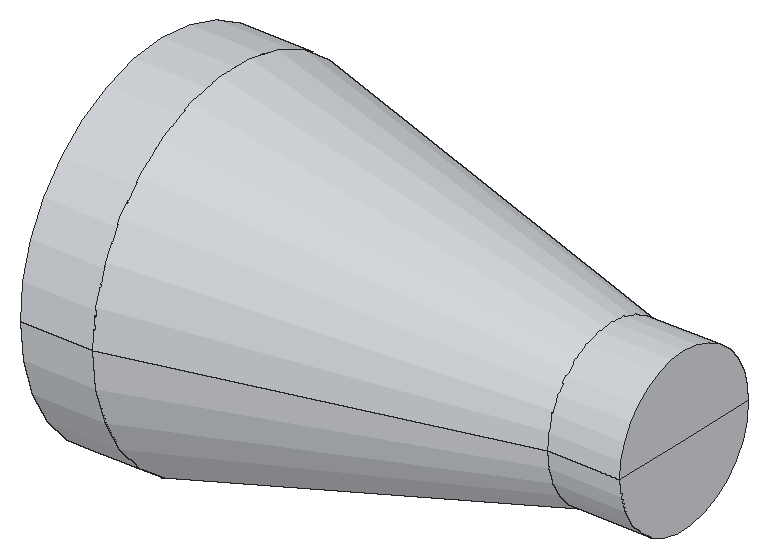
Revit family "017a85a8e7fe44b990d3b84f9876f907", category Pipe Fittings, Revit 2021
Family settings
  Round Connector Dimension = Use Radius
  Part Type = Transition
  OmniClass Number = 23.60.30.11.14
  OmniClass Title = Pipework Fittings
  Work Plane-Based = No
  Always vertical = Yes
  Cut with Voids When Loaded = No
  Shared = No
Parameters (values of type "Standard")
  Visibility 2 [instance] = Nominal Diameter 2 > Nominal Diameter 1  # no
  Visibility 1 [instance] = Nominal Diameter 1 > Nominal Diameter 2  # yes
  URL = ""
  Type Comments = ""
  Tick Size 2 [instance] = if(Nominal Diameter 1 > Nominal Diameter 2, Min Tick Size 12, Max Tick Size 12)  # 2.7760"
  Tick Size 1 [instance] = if(Nominal Diameter 1 > Nominal Diameter 2, Max Tick Size 12, Min Tick Size 12)  # 6.1200"
  Min Tick Size 12 [instance] = Min Fitting Outside Diameter 12 * 0.4  # 2.7760"
  Max Tick Size 12 [instance] = Max Fitting Outside Diameter 12 * 0.4  # 6.1200"
  Nominal Radius 2 [instance] = 3.0000"
  Nominal Radius 1 [instance] = 7.0000"
  Nominal Diameter 2 [instance] = Nominal Radius 2 * 2  # 6.0000"
  Nominal Diameter 1 [instance] = Nominal Radius 1 * 2  # 14.0000"
  Min Nominal Diameter 12 [instance] = if(Nominal Diameter 1 > Nominal Diameter 2, Nominal Diameter 2, Nominal Diameter 1)  # 6.0000"
  Max Nominal Diameter 12 [instance] = if(Nominal Diameter 1 > Nominal Diameter 2, Nominal Diameter 1, Nominal Diameter 2)  # 14.0000"
  Manufacturer = ""
  Loss Method = K Coefficient from Table
  Lookup Table Name = "Reducer - PE - GI - Class 150"
  Length [instance] = size_lookup(Lookup Table Name, "Lgt", 2 * Max Nominal Diameter 12, Max Nominal Diameter 12, Min Nominal Diameter 12)  # 22.6100"
  K Coefficient Table = "Reducer/Coupling/Union/Increaser"
  Fitting Outside Radius 2 [instance] = Fitting Outside Diameter 2 / 2  # 3.4700"
  Fitting Outside Radius 1 [instance] = Fitting Outside Diameter 1 / 2  # 7.6500"
  Min Fitting Outside Diameter 12 [instance] = size_lookup(Lookup Table Name, "FOD", 1.04 * Min Nominal Diameter 12 + 0.7000", Min Nominal Diameter 12)  # 6.9400"
  Max Fitting Outside Diameter 12 [instance] = size_lookup(Lookup Table Name, "FOD", 1.04 * Max Nominal Diameter 12 + 0.7000", Max Nominal Diameter 12)  # 15.3000"
  built-in parameter 1114238 [instance] = (empty or 0)
  Fitting Outside Diameter 2 [instance] = if(Nominal Diameter 1 > Nominal Diameter 2, Min Fitting Outside Diameter 12, Max Fitting Outside Diameter 12)  # 6.9400"
  Fitting Outside Diameter 1 [instance] = if(Nominal Diameter 1 > Nominal Diameter 2, Max Fitting Outside Diameter 12, Min Fitting Outside Diameter 12)  # 15.3000"
  Description = ""
  Default Elevation = 0.0000"
  Assembly Code = ""
Reference planes (in)
  plane 1 "Center (Front/Back)": y = 0
  plane 2: z = 0
  plane 3 "Center (Left/Right)": x = 0
  plane 4 "Right": x = 22.61
  plane 5 "TK1 Top": y = 6.12
  plane 6 "TK1 Bottom": y = -6.12
  plane 7 "TK2 Top": y = 2.776
  plane 8 "TK2 Bottom": y = -2.776
  plane 9: y = 7.65
  plane 10: y = 3.47
  plane 11: x = 5.6525
  plane 12: x = 16.9575
  plane 13: x = 11.305
  plane 14: x = 3.1525
  plane 15: x = 19.4575
Forms (in)
  Extrusion 1, solid, not visible
    sketch origin (0, 0, 0) x (0, 1, 0) y (0, 0, 1)
      loop
        circle (0, 0) r 1
    from 0 to 22.61
  Revolve 2, solid, detail levels fine
    sketch origin (0, 0, 0) x (1, 0, 0) y (0, 1, 0)
      loop
        line (0, 0) -> (22.61, 0) -> (22.61, 3.47) -> (19.4575, 3.47) -> (3.1525, 7.65) -> (0, 7.65) -> (0, 0)
      axis (0, 0) -> (22.61, 0)
    angle from 0 to 360
Lines and regions (in)
  model lines, detail levels coarse+medium
    curve 1: line (0, 0, 0) -> (0, 6.12, 0)
    curve 2: line (0, -6.12, 0) -> (0, 0, 0)
    curve 3: line (22.61, 0, 0) -> (22.61, 2.776, 0)
    curve 4: line (22.61, 0, 0) -> (22.61, -2.776, 0)
  model lines, style "PipeFitting", visible <- "Visibility 1", detail levels coarse+medium
    curve 5: line (0, 6.12, 0) -> (22.61, 0, 0)
    curve 6: line (0, -6.12, 0) -> (22.61, 0, 0)
  model lines, style "PipeFitting", visible <- "Visibility 2", detail levels coarse+medium
    curve 7: line (22.61, 2.776, 0) -> (0, 0, 0)
    curve 8: line (0, 0, 0) -> (22.61, -2.776, 0)
Dimensions and locks (in)
  "Tick Size 1": plane 5 "TK1 Top" to plane 1 "Center (Front/Back)"
  "Tick Size 1": plane 6 "TK1 Bottom" to plane 1 "Center (Front/Back)"
  "Tick Size 2": plane 7 "TK2 Top" to plane 1 "Center (Front/Back)"
  "Tick Size 2": plane 8 "TK2 Bottom" to plane 1 "Center (Front/Back)"
  "Fitting Outside Radius 1": plane 9 to plane 1 "Center (Front/Back)"
  "Length": plane 3 "Center (Left/Right)" to plane 4 "Right"
  "Fitting Outside Radius 2": plane 10 to plane 1 "Center (Front/Back)"
  equal spacing: plane 3 "Center (Left/Right)", plane 11, plane 13, plane 12, plane 4 "Right"
  locked: plane 12 to plane 15 at 2.5
  locked: plane 14 to plane 11 at 2.5
  radius of Extrusion 1 sketch curve = 1.0000"
  aligned and locked: plane 2 to level
  aligned and locked: plane 2 to Extrusion 1 sketch curve
  aligned and locked: plane 1 "Center (Front/Back)" to Extrusion 1 sketch curve
  aligned and locked: Extrusion 1 to plane 3 "Center (Left/Right)"
  aligned and locked: plane 4 "Right" to Extrusion 1
  aligned and locked: plane 1 "Center (Front/Back)" to curve 2
  aligned and locked: plane 3 "Center (Left/Right)" to curve 1
  aligned and locked: plane 3 "Center (Left/Right)" to curve 2
  aligned and locked: plane 5 "TK1 Top" to curve 1
  aligned and locked: plane 6 "TK1 Bottom" to curve 2
  aligned and locked: curve 3 to plane 7 "TK2 Top"
  aligned and locked: curve 4 to plane 4 "Right"
  aligned and locked: plane 1 "Center (Front/Back)" to Revolve 2 sketch curve
  aligned and locked: plane 3 "Center (Left/Right)" to Revolve 2 sketch curve
  aligned and locked: plane 4 "Right" to Revolve 2 sketch curve
  aligned and locked: Revolve 2 sketch curve to Revolve 2 sketch curve
  aligned and locked: plane 10 to Revolve 2 sketch curve
  aligned and locked: Revolve 2 sketch curve to plane 9
  aligned and locked: plane 15 to Revolve 2 sketch curve
Automatic sketch dimensions
  plane 8 "TK2 Bottom" to curve 8 = 0.0000"
  plane 1 "Center (Front/Back)" to curve 4 = 0.0000"
  Revolve 2 sketch curve to plane 14 = 0.0000"
  Revolve 2 sketch curve to plane 3 "Center (Left/Right)" = 9.7500"
  Revolve 2 sketch curve to Revolve 2 sketch curve = 7.2500"
Connectors (in)
  piping at (0, 0, 0), diameter 14, driven by "Nominal Radius 1"
    settings: on Extrusion 1, index 1, connector inside diameter 14.0000", connector length 0.0000", flow factor 0, pipe flow 0 GPM, pressure drop 0.00 psi, fitting loss kfactor 0, connector angle 0.00°, fixture units 0, engagement length 0.0000", angle of deflection 0.00°, flow configuration 0, flow direction 0, fitting loss method 0, system type 28, joint type 0, gender type 0, connector reference index 2, connector utility 0, adjustable connector no, is connector primary yes, connector description ""
  piping at (22.61, 0, 0), diameter 6, driven by "Nominal Radius 2"
    settings: on Extrusion 1, index 2, connector inside diameter 6.0000", connector length 0.0000", flow factor 0, pipe flow 0 GPM, pressure drop 0.00 psi, fitting loss kfactor 0, connector angle 0.00°, fixture units 0, engagement length 0.0000", angle of deflection 0.00°, flow configuration 0, flow direction 0, fitting loss method 0, system type 28, joint type 0, gender type 0, connector reference index 1, connector utility 0, adjustable connector no, is connector primary no, connector description ""
